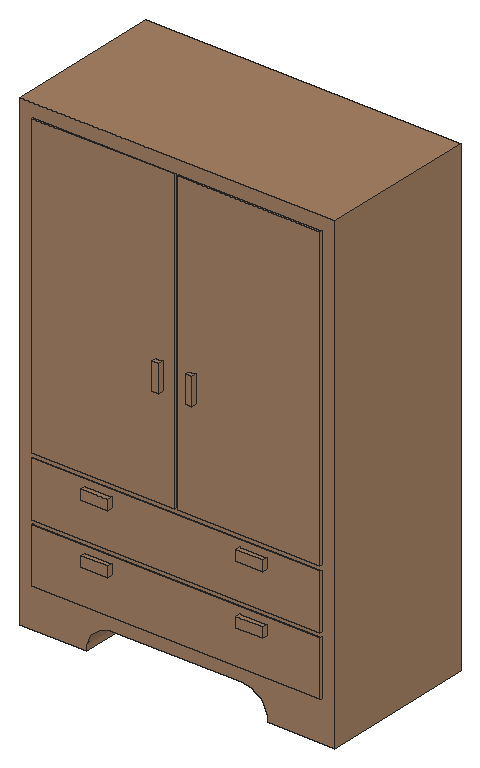
Revit family
Parameters (values of type "1200 x 1800 x 600mm")
  Keynote = "N"
  Assembly Code = ""
  Depth = 600 mm
  Material = Wood - Mahogany
  Height = 1800 mm
  Width = 1200 mm
Types (4, lengths in mm): name | Depth | Width
  (no name) | 600 | 1200
  900 x 1800 x 500mm | 500 | 900
  1200 x 1800 x 600mm | 600 | 1200
  1500 x 1800 x 600mm | 600 | 1500
Reference planes
  plane 1 "Center F/B": y = -583.739
  plane 2: z = 0
  plane 3 "Center L/R": x = -269.193
  plane 4 "Back": y = -283.739
  plane 5 "Front": y = -883.739
  plane 6 "Right": x = 330.807
  plane 7 "Left": x = -869.193
  plane 8: z = 1800
  plane 9: x = -513.593
  plane 10: x = -24.793
  plane 11: z = 1749.2
  plane 12: z = 152.4
  plane 13: x = -818.393
  plane 14: x = 280.007
  plane 15: z = 1765.3
  plane 16: x = -615.193
  plane 17: x = -513.593
  plane 18: x = 76.807
  plane 19: x = -24.793
  plane 20: z = 608.629
  plane 21: z = 380.514
  plane 22: x = -218.393
  plane 23: x = -319.993
  plane 24: z = 589.579
  plane 25: z = 361.464
  plane 26: z = 1521.086
  plane 27: z = 1292.971
  plane 28: z = 1064.857
  plane 29: z = 836.743
  plane 30: y = -909.139
  plane 31: z = 564.179
  plane 32: z = 526.079
  plane 33: z = 336.064
  plane 34: z = 297.964
  plane 35: x = -345.393
  plane 36: x = -192.993
  plane 37: y = -890.089
Forms (mm)
  Extrusion 1, solid, material "Wood - Mahogany" <- "Material"
    sketch origin (0, -883.739, 0) x (1, 0, 0) y (0, 0, 1)
      loop
        line (76.807, 0) -> (330.807, 0) -> (330.807, 1800) -> (-869.193, 1800) -> (-869.193, 0) -> (-615.193, 0)
        arc (-615.193, 0) -> (-585.435, 71.842) -> (-513.593, 101.6) r 101.6
        line (-513.593, 101.6) -> (-24.793, 101.6)
        arc (-24.793, 101.6) -> (47.049, 71.842) -> (76.807, 0) r 101.6
    from 0 to -600
  Extrusion 2, solid, material "Wood - Mahogany" <- "Material"
    sketch origin (0, -883.739, 0) x (1, 0, 0) y (0, 0, 1)
      loop
        line (-818.393, 589.579) -> (-818.393, 380.514) -> (280.007, 380.514) -> (280.007, 589.579) -> (-818.393, 589.579)
      loop
        line (-818.393, 361.464) -> (-818.393, 152.4) -> (280.007, 152.4) -> (280.007, 361.464) -> (-818.393, 361.464)
      loop
        line (-818.393, 1749.2) -> (-818.393, 608.629) -> (-275.543, 608.629) -> (-275.543, 1749.2) -> (-818.393, 1749.2)
      loop
        line (280.007, 608.629) -> (280.007, 1749.2) -> (-262.843, 1749.2) -> (-262.843, 608.629) -> (280.007, 608.629)
    from 0 to 6.35
  Extrusion 3, solid, material "Wood - Mahogany" <- "Material"
    sketch origin (0, -883.739, 0) x (1, 0, 0) y (0, 0, 1)
      loop
        line (-345.393, 1095.7) -> (-345.393, 994.1) -> (-319.993, 994.1) -> (-319.993, 1095.7) -> (-345.393, 1095.7)
      loop
        line (-218.393, 1095.7) -> (-218.393, 994.1) -> (-192.993, 994.1) -> (-192.993, 1095.7) -> (-218.393, 1095.7)
      loop
        line (-615.193, 564.179) -> (-615.193, 526.079) -> (-513.593, 526.079) -> (-513.593, 564.179) -> (-615.193, 564.179)
      loop
        line (76.807, 564.179) -> (-24.793, 564.179) -> (-24.793, 526.079) -> (76.807, 526.079) -> (76.807, 564.179)
      loop
        line (-24.793, 336.064) -> (-24.793, 297.964) -> (76.807, 297.964) -> (76.807, 336.064) -> (-24.793, 336.064)
      loop
        line (-615.193, 336.064) -> (-615.193, 297.964) -> (-513.593, 297.964) -> (-513.593, 336.064) -> (-615.193, 336.064)
    from 6.35 to 25.4
Lines and regions (mm)
  Masking region 1
    outline origin (0, 0, 0) x (1, 0, 0) y (0, 1, 0)
      loop
        line (-869.193, -283.739) -> (-869.193, -883.739) -> (-615.193, -883.739) -> (-615.193, -909.139) -> (-513.593, -909.139) -> (-513.593, -883.739) -> (-24.793, -883.739) -> (-24.793, -909.139) -> (76.807, -909.139) -> (76.807, -883.739) -> (330.807, -883.739) -> (330.807, -283.739) -> (-869.193, -283.739)
  symbolic lines
    curve 1: line (-869.193, -283.739, 0) -> (330.807, -283.739, 0)
    curve 2: line (-869.193, -283.739, 0) -> (-869.193, -883.739, 0)
    curve 3: line (-869.193, -883.739, 0) -> (330.807, -883.739, 0)
    curve 4: line (330.807, -283.739, 0) -> (330.807, -883.739, 0)
    curve 5: line (-24.793, -909.139, 0) -> (76.807, -909.139, 0)
    curve 6: line (-24.793, -883.739, 0) -> (-24.793, -909.139, 0)
    curve 7: line (76.807, -883.739, 0) -> (-24.793, -883.739, 0)
    curve 8: line (76.807, -909.139, 0) -> (76.807, -883.739, 0)
    curve 9: line (-513.593, -909.139, 0) -> (-615.193, -909.139, 0)
    curve 10: line (-513.593, -909.139, 0) -> (-513.593, -883.739, 0)
    curve 11: line (-615.193, -883.739, 0) -> (-615.193, -909.139, 0)
Dimensions and locks
  equal spacing: plane 7 "Left", plane 3 "Center L/R", plane 6 "Right"
  equal spacing: plane 5 "Front", plane 1 "Center F/B", plane 4 "Back"
  "Width": plane 7 "Left" to plane 6 "Right"
  "Depth": plane 5 "Front" to plane 4 "Back"
  "Height": plane 8 to plane 2
  locked: plane 7 "Left" to plane 9 at 355.6
  locked: plane 6 "Right" to plane 10 at 355.6
  locked: plane 8 to plane 11 at 50.8
  plane 12 to plane 2 = 152.4 mm
  locked: plane 7 "Left" to plane 13 at 50.8
  locked: plane 14 to plane 6 "Right" at 50.8
  plane 7 "Left" to plane 16 = 254 mm
  plane 6 "Right" to plane 18 = 254 mm
  equal spacing: plane 11, plane 26, plane 27, plane 28, plane 29, plane 20, plane 21, plane 12
  plane 20 to plane 24 = 19.05 mm
  plane 21 to plane 25 = 19.05 mm
  plane 16 to plane 17 = 101.6 mm
  plane 19 to plane 18 = 101.6 mm
  locked: plane 30 to plane 5 "Front" at 25.4
  plane 24 to plane 31 to plane 32 = 25.4 mm, 38.1 mm
  plane 25 to plane 33 to plane 34 = 25.4 mm, 38.1 mm
  locked: plane 23 to plane 35 at 25.4
  locked: plane 22 to plane 36 at 25.4
  locked: plane 5 "Front" to plane 37 at 6.35
  aligned and locked: Extrusion 1 to plane 4 "Back"
  aligned and locked: curve 3 to curve 8
  aligned and locked: Extrusion 2 to plane 37
  aligned and locked: Extrusion 3 to plane 37
  aligned and locked: Extrusion 3 to plane 30
  aligned and locked: plane 4 "Back" to curve 1
  aligned and locked: plane 7 "Left" to curve 2
  aligned and locked: plane 6 "Right" to curve 4
  aligned and locked: plane 5 "Front" to curve 3
  aligned and locked: plane 19 to curve 6
  aligned and locked: plane 18 to curve 8
  aligned and locked: plane 30 to curve 5
  aligned and locked: curve 9 to Extrusion 3
  aligned and locked: curve 10 to Extrusion 3
  aligned and locked: curve 11 to plane 16
  aligned and locked: Masking region 1 sketch curve to curve 2
  aligned and locked: Masking region 1 sketch curve to curve 3
  aligned and locked: Masking region 1 sketch curve to curve 4
  aligned and locked: Masking region 1 sketch curve to curve 1
  aligned and locked: Masking region 1 sketch curve to curve 10
  aligned and locked: Masking region 1 sketch curve to curve 9
  aligned and locked: Masking region 1 sketch curve to curve 11
  aligned and locked: Masking region 1 sketch curve to curve 5
  aligned and locked: Masking region 1 sketch curve to curve 8
  aligned and locked: Masking region 1 sketch curve to curve 6
Automatic sketch dimensions
  Extrusion 1 sketch curve to level = 0 mm  (x2)
  Extrusion 1 sketch curve to plane 7 "Left" = 0 mm
  Extrusion 1 sketch curve to plane 9 = 0 mm
  Extrusion 1 sketch curve to plane 10 = 0 mm
  Extrusion 1 sketch curve to plane 6 "Right" = 0 mm
  Extrusion 1 sketch curve to Extrusion 1 sketch curve = 101.6 mm
  Extrusion 1 sketch curve to plane 8 = 0 mm
  Extrusion 2 sketch curve to plane 11 = 0 mm  (x2)
  Extrusion 2 sketch curve to plane 13 = 0 mm  (x3)
  Extrusion 2 sketch curve to plane 20 = 0 mm  (x2)
  Extrusion 2 sketch curve to plane 14 = 0 mm  (x3)
  Extrusion 2 sketch curve to plane 3 "Center L/R" = 6.35 mm
  plane 3 "Center L/R" to Extrusion 2 sketch curve = 6.35 mm
  Extrusion 3 sketch curve to plane 16 = 0 mm  (x2)
  Extrusion 3 sketch curve to plane 17 = 0 mm  (x2)
  Extrusion 3 sketch curve to plane 35 = 0 mm
  Extrusion 3 sketch curve to plane 23 = 0 mm
  Extrusion 3 sketch curve to plane 22 = 0 mm
  Extrusion 3 sketch curve to plane 36 = 0 mm
  Extrusion 3 sketch curve to plane 19 = 0 mm  (x2)
  Extrusion 3 sketch curve to plane 18 = 0 mm  (x2)
  Extrusion 3 sketch curve to plane 34 = 0 mm  (x2)
  Extrusion 3 sketch curve to plane 33 = 0 mm  (x2)
  Extrusion 3 sketch curve to plane 32 = 0 mm  (x2)
  Extrusion 3 sketch curve to plane 31 = 0 mm  (x2)
  plane 28 to Extrusion 3 sketch curve = 70.757 mm  (x2)
  Extrusion 3 sketch curve to plane 28 = 30.843 mm  (x2)
  Extrusion 2 sketch curve to plane 12 = 0 mm
  Extrusion 2 sketch curve to plane 25 = 0 mm
  Extrusion 2 sketch curve to plane 21 = 0 mm
  Extrusion 2 sketch curve to plane 24 = 0 mm
  Masking region 1 sketch curve to plane 5 "Front" = 0 mm  (x2)
